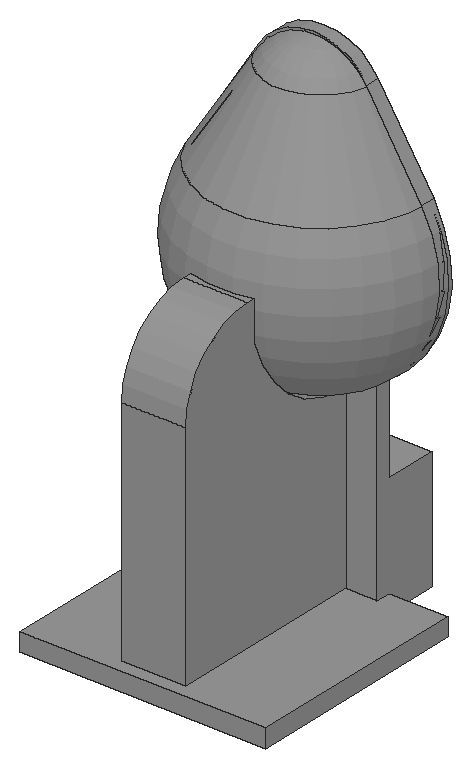
Revit family "Toilet-Willoughby-ETWS-1490-CM-BS", category Plumbing Fixtures, Revit 2015
Parameters (values of type "Standard")
  Waste DIA = 2 3/8"
  Waste Connection = yes
  W-RAD [instance] = Waste DIA / 2  # 0' - 1 3/16"
  Vent Connection = no
  URL = "https://www.willoughby-ind.com/wp-content/uploads/2018/01/ETWS-1490-CM.pdf"
  Type Comments = ""
  Revision = "A"
  Model = "ETWS-1490-CM-BS"
  Manufacturer = "Willoughby Industries"
  HW Connection = no
  Flush inlet DIA = 1 1/2"
  Flush Inlet Connection = yes
  Fixture Body = Stainless Steel AISI 304-Willoughby
  F-RAD [instance] = Flush inlet DIA / 2  # 0' - 0 3/4"
  Description = "Carrier Mounted Siphon Jet Flush Toilet, Back Spud"
  Default Elevation = 0' - 0"
  Contact Number = "(800) 428-4065"
  CW Connection = no
Reference planes (in)
  plane 1 "Base": y = -16.25
  plane 2: z = 0
  plane 3 "Center": x = 18.31072
  plane 4 "Seat HGT": y = -1.25
  plane 5: y = -2.125
  plane 6 "Unit Base Off Floor": y = -13.75
  plane 7 "Flush  HGT": y = 0.5
  plane 8: x = 16.56072
  plane 9: x = 20.06072
  plane 10: x = 11.56072
  plane 11: x = 25.06072
  plane 12: z = 27.75
  plane 13: y = -10.75
Forms (in)
  Extrusion 1, solid, material "Stainless Steel AISI 304-Willoughby" <- "Fixture Body"
    sketch origin (16.08109, 7.47968, -5.1422) x (-1, 0, 0) y (0, 0, -1)
      loop
        line (1.29775, -16.80087) -> (1.29775, -6.1422) -> (-5.72963, -6.1422) -> (-5.72963, -16.81676)
        arc (-5.72963, -16.81676) -> (-8.98136, -21.11843) -> (-8.21015, -26.45542) r 7
        line (-8.21015, -26.45542) -> (-5.16818, -31.31054)
        arc (-5.16818, -31.31054) -> (-2.20225, -32.95225) -> (0.76368, -31.31054) r 3.5
        line (0.76368, -31.31054) -> (3.80565, -26.45542)
        arc (3.80565, -26.45542) -> (4.5729, -21.10311) -> (1.29775, -16.80087) r 7
      loop
        arc (2.03989, -24.70557) -> (-2.20225, -18.23804) -> (-6.44438, -24.70557) r 4.625
        line (-6.44438, -24.70557) -> (-4.04125, -30.23842)
        arc (-4.04125, -30.23842) -> (-2.20225, -31.45225) -> (-0.36324, -30.23842) r 2
        line (-0.36324, -30.23842) -> (2.03989, -24.70557)
    from 8.72968 to 9.5
  Revolve 2, solid, material "Stainless Steel AISI 304-Willoughby" <- "Fixture Body"
    sketch origin (19.37246, -1.52032, -1.93826) x (-1, 0, 0) y (0, 0, -1)
      loop
        line (1.06174, -12.59906) -> (1.06174, -12.84906)
        arc (1.06174, -12.84906) -> (6.96784, -16.33096) -> (6.78077, -23.18447) r 6.75
        line (6.78077, -23.18447) -> (3.81535, -27.91457)
        arc (3.81535, -27.91457) -> (2.63527, -29.03194) -> (1.06174, -29.43826) r 3.25
        line (1.06174, -29.43826) -> (1.06174, -29.68826)
        arc (1.06174, -29.68826) -> (2.75672, -29.25045) -> (4.02767, -28.04656) r 3.5
        line (4.02767, -28.04656) -> (7.06964, -23.19143)
        arc (7.06964, -23.19143) -> (7.15052, -16.14555) -> (1.06174, -12.59906) r 7
      axis (1.06174, -12.59906) -> (1.06174, -29.68826)
    angle from 0 to -180
  Extrusion 3, solid, material "Stainless Steel AISI 304-Willoughby" <- "Fixture Body"
    sketch origin (19.53334, -3.02032, -2.9508) x (0, 1, 0) y (0, 0, 1)
      loop
        line (-5.27082, 3.9508) -> (1, 3.9508) -> (1, 13.76086)
        arc (1, 13.76086) -> (-2.93256, 15.26109) -> (-5.27082, 18.76086) r 6.92744
        line (-5.27082, 18.76086) -> (-5.27082, 3.9508)
    from 0.52738 to -2.97262
  Extrusion 4, solid, material "Stainless Steel AISI 304-Willoughby" <- "Fixture Body"
    sketch origin (17.03334, 24.83792, -2.30581) x (0, 1, 0) y (0, 0, 1)
      loop
        line (-33.12906, 3.30581) -> (-33.12906, 20.30581) -> (-33.56217, 20.30581)
        arc (-33.56217, 20.30581) -> (-36.58558, 19.05347) -> (-37.83792, 16.03006) r 4.27575
        line (-37.83792, 16.03006) -> (-37.83792, 3.30581) -> (-33.12906, 3.30581)
    from -0.47262 to 3.02738
  Extrusion 5, solid, material "Stainless Steel AISI 304-Willoughby" <- "Fixture Body"
    sketch origin (5.72435, 0.32141, 0) x (1, 0, 0) y (0, 1, 0)
      loop
        circle (12.58636, -11.07141) r 1.1875
    from 5.5 to 0
  Extrusion 6, solid, material "Stainless Steel AISI 304-Willoughby" <- "Fixture Body"
    sketch origin (18.31072, 0, 0) x (0, 1, 0) y (0, 0, 1)
      loop
        line (-1.25, 0) -> (1.75, 0) -> (1.75, 6.6875) -> (-1.25, 6.6875) -> (-1.25, 0)
    from -3.52738 to 3.5
  Extrusion 7, solid, material "Stainless Steel AISI 304-Willoughby" <- "Fixture Body"
    sketch origin (0, 0, 0) x (1, 0, 0) y (0, 1, 0)
      loop
        circle (18.31072, 0.5) r 0.75
    from 0 to 1
  Extrusion 8, solid, material "Stainless Steel AISI 304-Willoughby" <- "Fixture Body"
    sketch origin (0, -16.25, 0) x (1, 0, 0) y (0, 0, 1)
      loop
        line (25.06072, 0) -> (25.06072, 1) -> (11.56072, 1) -> (11.56072, 0) -> (25.06072, 0)
    from -15 to -2.5
Cuts and joins
  joined: Extrusion 1, Extrusion 3, Extrusion 4, Extrusion 6, Extrusion 8
Lines and regions (in)
  symbolic lines
    curve 1: line (11.28334, -2.02032, 0) -> (11.28334, -1.25, 0)
    curve 2: line (11.28334, -1.25, 0) -> (25.28334, -1.25, 0)
    curve 3: line (25.28334, -1.25, 0) -> (25.28334, -2.02032, 0)
    curve 4: arc (25.28334, -2.02032, 0) -> (23.08103, -6.64828, 0) -> (18.31072, -8.52239, 0) r 6.97619
    curve 5: arc (18.31072, -8.52239, 0) -> (13.5271, -6.64388, 0) -> (11.28334, -2.02032, 0) r 7.06235
    curve 6: line (14.78334, -1.25, 0) -> (14.78334, 1.75, 0)
    curve 7: line (14.78334, 1.75, 0) -> (21.81072, 1.75, 0)
    curve 8: line (21.81072, 1.75, 0) -> (21.81072, -1.25, 0)
    curve 9: line (25.06072, -3.35566, 0) -> (25.06072, -13.75, 0)
    curve 10: line (25.06072, -13.75, 0) -> (11.56072, -13.75, 0)
    curve 11: line (11.56072, -13.75, 0) -> (11.56072, -3.49538, 0)
    curve 12: line (20.06072, -8.30258, 0) -> (20.06072, -13, 0)
    curve 13: line (20.06072, -13, 0) -> (16.56072, -13, 0)
    curve 14: line (16.56072, -13, 0) -> (16.56072, -8.29889, 0)
    curve 15: line (14.78334, -16.25, 11.65867) -> (14.78334, -16.25, 0)
    curve 16: line (14.78334, -16.25, 1) -> (11.56072, -16.25, 1)
    curve 17: line (11.56072, -16.25, 1) -> (11.56072, -16.25, 0)
    curve 19: line (25.06072, -16.25, 0) -> (25.06072, -16.25, 1)
    curve 20: line (25.06072, -16.25, 1) -> (21.81072, -16.25, 1)
    curve 21: line (21.81072, -16.25, 0) -> (21.81072, -16.25, 11.67456)
    curve 22: arc (21.81072, -16.25, 11.67456) -> (25.0846, -16.25, 15.97054) -> (24.29124, -16.25, 21.31322) r 6.94651
    curve 23: line (24.29124, -16.25, 21.31322) -> (21.24927, -16.25, 26.16835)
    curve 24: arc (21.24927, -16.25, 26.16835) -> (19.98923, -16.25, 27.34792) -> (18.31072, -16.25, 27.75) r 3.37397
    curve 25: arc (18.31072, -16.25, 27.75) -> (16.62783, -16.25, 27.31163) -> (15.31741, -16.25, 26.16835) r 3.79331
    curve 26: line (15.31741, -16.25, 26.16835) -> (12.35249, -16.25, 21.43905)
    curve 27: arc (12.35249, -16.25, 21.43905) -> (11.49002, -16.25, 16.03241) -> (14.78334, -16.25, 11.65867) r 7
    curve 33: line (18.31072, -8.29114, 18) -> (18.31072, -8.72425, 18)
    curve 34: arc (18.31072, -8.72425, 18) -> (18.31072, -11.74766, 16.74766) -> (18.31072, -13, 13.72425) r 4.27575
    curve 35: line (18.31072, -13, 13.72425) -> (18.31072, -13, 1)
    curve 36: line (18.31072, -13, 1) -> (18.31072, -13.75, 1)
    curve 37: line (18.31072, -13.75, 1) -> (18.31072, -13.75, 0)
    curve 38: line (18.31072, -13.75, 0) -> (18.31072, 1.75, 0)
    curve 39: line (18.31072, 1.75, 0) -> (18.31072, 1.75, 6.6875)
    curve 40: line (18.31072, 1.75, 6.6875) -> (18.31072, -1.25, 6.6875)
    curve 41: line (18.31072, -1.25, 6.6875) -> (18.31072, -1.25, 27.81005)
    curve 42: line (18.31072, -1.25, 27.81005) -> (18.31072, -2.02032, 27.81005)
    curve 43: arc (18.31072, -2.02032, 27.81005) -> (18.31072, -3.31067, 27.27241) -> (18.31072, -4.32667, 26.31229) r 3.87918
    curve 44: line (18.31072, -4.32667, 26.31229) -> (18.31072, -7.52822, 21.25317)
    curve 45: arc (18.31072, -7.52822, 21.25317) -> (18.31072, -8.24035, 19.69354) -> (18.31072, -8.50769, 18) r 6.3284
    curve 46: line (18.31072, -8.29114, 18) -> (18.31072, -8.29114, 15.81005)
    curve 47: arc (18.31072, -8.29114, 15.81005) -> (18.31072, -5.95289, 12.31029) -> (18.31072, -2.02032, 10.81005) r 6.92744
    curve 48: line (18.31072, -1.25, 11.65867) -> (18.31072, -1.97294, 11.65867)
    curve 49: line (18.31072, -1.97294, 11.65867) -> (18.31072, -1.97294, 1.03179)
    curve 50: line (18.31072, -1.25, 0) -> (18.31072, -1.25, 1)
    curve 51: line (18.31072, -1.25, 1) -> (18.31072, -13, 1)
  symbolic lines, detail levels medium+fine
    curve 18: line (14.78334, -16.25, 6.6875) -> (21.81072, -16.25, 6.6875)
  symbolic lines, detail levels fine
    curve 28: arc (14.0412, -16.25, 19.56337) -> (18.28334, -16.25, 13.09585) -> (22.52547, -16.25, 19.56337) r 4.625
    curve 29: line (22.52547, -16.25, 19.56337) -> (20.06869, -16.25, 25.31026)
    curve 30: arc (20.06869, -16.25, 25.31026) -> (19.34621, -16.25, 26.11409) -> (18.28334, -16.25, 26.31005) r 1.67667
    curve 31: arc (18.28334, -16.25, 26.31005) -> (17.22889, -16.25, 25.90758) -> (16.44433, -16.25, 25.09622) r 2.60004
    curve 32: line (16.44433, -16.25, 25.09622) -> (14.0412, -16.25, 19.56337)
Dimensions and locks (in)
  plane 1 "Base" to plane 4 "Seat HGT" = 1' - 3"
  plane 11 to plane 10 = 1' - 1 1/2"
  plane 1 "Base" to plane 13 = 0' - 5 1/2"
  plane 1 "Base" to plane 7 "Flush  HGT" = 1' - 4 3/4"
  plane 1 "Base" to cut or joined group of Extrusion 1, Extrusion 3, Extrusion 4, Extrusion 6, Extrusion 8 = 1' - 6"
  cut or joined group of Extrusion 1, Extrusion 3, Extrusion 4, Extrusion 6, Extrusion 8 to plane 1 "Base" = 1' - 6"
  plane 10 to plane 11 = 1' - 1 1/2"
  plane 13 to plane 1 "Base" = 0' - 5 1/2"
  locked: plane 1 "Base" to plane 13 at 5.5
  plane 1 "Base" to plane 6 "Unit Base Off Floor" = 0' - 2 1/2"
  plane 10 to plane 3 "Center" = 0' - 6 3/4"
  "W-RAD": radius of Extrusion 5 sketch curve
  "F-RAD": radius of Extrusion 7 sketch curve
  aligned and locked: plane 7 "Flush  HGT" to Extrusion 7 sketch curve
  aligned and locked: plane 3 "Center" to Extrusion 7 sketch curve
  aligned and locked: plane 13 to Extrusion 5 sketch curve
  aligned and locked: plane 3 "Center" to Extrusion 5 sketch curve
  aligned and locked: cut or joined group of Extrusion 1, Extrusion 3, Extrusion 4, Extrusion 6, Extrusion 8 to level
  aligned and locked: plane 6 "Unit Base Off Floor" to cut or joined group of Extrusion 1, Extrusion 3, Extrusion 4, Extrusion 6, Extrusion 8
  aligned and locked: cut or joined group of Extrusion 1, Extrusion 3, Extrusion 4, Extrusion 6, Extrusion 8 to cut or joined group of Extrusion 1, Extrusion 3, Extrusion 4, Extrusion 6, Extrusion 8  (x5)
  aligned and locked: plane 2 to cut or joined group of Extrusion 1, Extrusion 3, Extrusion 4, Extrusion 6, Extrusion 8
  aligned and locked: cut or joined group of Extrusion 1, Extrusion 3, Extrusion 4, Extrusion 6, Extrusion 8 to plane 10
Automatic sketch dimensions
  Extrusion 1 sketch curve to Extrusion 1 sketch curve = 0' - 0"  (x8)
  level to Extrusion 1 sketch curve = 0' - 1"
  plane 3 "Center" to Extrusion 1 sketch curve = 0' - 5.98052"
  Extrusion 1 sketch curve to Extrusion 1 sketch curve = 0' - 1.76576"  (x2)
  plane 3 "Center" to Extrusion 1 sketch curve = 0' - 3 1/2"
  plane 3 "Center" to Extrusion 1 sketch curve = 0' - 2.93855"
  Extrusion 1 sketch curve to Extrusion 1 sketch curve = 0' - 1.12693"  (x2)
  Extrusion 1 sketch curve to plane 3 "Center" = 0' - 0.02738"  (x2)
  Extrusion 1 sketch curve to plane 3 "Center" = 0' - 1.86639"
  Extrusion 1 sketch curve to plane 3 "Center" = 0' - 3.52738"
  Extrusion 1 sketch curve to plane 3 "Center" = 0' - 4 69/256"
  Extrusion 1 sketch curve to Extrusion 1 sketch curve = 0' - 10.65867"
  Extrusion 1 sketch curve to Extrusion 1 sketch curve = 0' - 0.01589"
  Extrusion 1 sketch curve to Extrusion 1 sketch curve = 0' - 6.06218"
  Extrusion 1 sketch curve to Extrusion 1 sketch curve = 0' - 1.74985"
  Extrusion 1 sketch curve to Extrusion 1 sketch curve = 0' - 4.74668"
  Extrusion 1 sketch curve to Extrusion 1 sketch curve = 0' - 0.78617"
  Extrusion 1 sketch curve to Extrusion 1 sketch curve = 0' - 1.07212"
  Revolve 2 sketch curve to Revolve 2 sketch curve = 0' - 0"  (x2)
  Revolve 2 sketch curve to plane 3 "Center" = 0' - 0"  (x3)
  plane 3 "Center" to Revolve 2 sketch curve = 0' - 0"
  Revolve 2 sketch curve to plane 3 "Center" = 0' - 2.75361"
  Revolve 2 sketch curve to Revolve 2 sketch curve = 0' - 0.21232"
  Revolve 2 sketch curve to Revolve 2 sketch curve = 0' - 2.96542"
  Revolve 2 sketch curve to Revolve 2 sketch curve = 0' - 0.28887"
  level to Revolve 2 sketch curve = 2' - 3 3/4"
  Revolve 2 sketch curve to Revolve 2 sketch curve = 0' - 0 1/4"
  Revolve 2 sketch curve to Revolve 2 sketch curve = 0' - 1.3917"
  Revolve 2 sketch curve to Revolve 2 sketch curve = 0' - 0.13199"
  Revolve 2 sketch curve to Revolve 2 sketch curve = 0' - 4.85513"
  Revolve 2 sketch curve to Revolve 2 sketch curve = 0' - 0.00696"
  Revolve 2 sketch curve to Revolve 2 sketch curve = 0' - 3 1/4"
  Revolve 2 sketch curve to Revolve 2 sketch curve = 0' - 3.3392"
  Revolve 2 sketch curve to Revolve 2 sketch curve = 0' - 2.4108"
  level to Extrusion 3 sketch curve = 0' - 1"
  plane 5 to Extrusion 3 sketch curve = 0' - 0.10468"
  plane 4 "Seat HGT" to Extrusion 3 sketch curve = 0' - 0.38413"
  Extrusion 3 sketch curve to Extrusion 3 sketch curve = 0' - 9.81005"
  Extrusion 3 sketch curve to Extrusion 3 sketch curve = 0' - 5"
  Extrusion 4 sketch curve to plane 6 "Unit Base Off Floor" = 0' - 0 3/4"
  level to Extrusion 4 sketch curve = 0' - 1"
  Extrusion 4 sketch curve to plane 6 "Unit Base Off Floor" = 0' - 5.02575"
  Extrusion 4 sketch curve to Extrusion 4 sketch curve = 0' - 0.43311"
  Extrusion 4 sketch curve to Extrusion 4 sketch curve = 1' - 0.72425"
  Extrusion 6 sketch curve to level = 0' - 0"
  Extrusion 6 sketch curve to plane 4 "Seat HGT" = 0' - 0"
  Extrusion 6 sketch curve to plane 7 "Flush  HGT" = 0' - 1 1/4"
  level to Extrusion 6 sketch curve = 0' - 6 11/16"
  Extrusion 8 sketch curve to plane 10 = 0' - 0"
  Extrusion 8 sketch curve to plane 11 = 0' - 0"
  Extrusion 8 sketch curve to level = 0' - 0"
  level to Extrusion 8 sketch curve = 0' - 1"
  Extrusion 3 sketch curve to Extrusion 3 sketch curve = 0' - 6.27082"
  plane 4 "Seat HGT" to curve 1 = 0' - 0"
  plane 6 "Unit Base Off Floor" to curve 10 = 0' - 0"
  curve 10 to plane 10 = 0' - 0"
  curve 14 to plane 8 = 0' - 0"
  curve 4 to plane 3 "Center" = 0' - 0"
  curve 5 to plane 3 "Center" = 0' - 0"
  curve 12 to plane 9 = 0' - 0"
  curve 10 to plane 11 = 0' - 0"
  plane 5 to curve 1 = 0' - 0.10468"
  curve 6 to plane 8 = 0' - 1.77738"
  plane 3 "Center" to curve 4 = 0' - 0.01255"
  plane 3 "Center" to curve 5 = 0' - 0.01271"
  plane 9 to curve 7 = 0' - 1 3/4"
  curve 9 to curve 3 = 0' - 0.22262"
  curve 13 to plane 6 "Unit Base Off Floor" = 0' - 0 3/4"
  plane 5 to curve 3 = 0' - 0.10468"
  curve 7 to plane 7 "Flush  HGT" = 0' - 1 1/4"
  curve 5 to curve 14 = 0' - 0.2235"
  curve 27 to curve 28 = 0' - 0"  (x2)
  curve 17 to plane 10 = 0' - 0"
  curve 15 to level = 0' - 0"
  curve 24 to plane 3 "Center" = 0' - 0"
  curve 25 to plane 3 "Center" = 0' - 0"
  curve 21 to level = 0' - 0"
  curve 20 to plane 11 = 0' - 0"
  curve 17 to level = 0' - 0"
  curve 19 to level = 0' - 0"
  curve 25 to plane 12 = 0' - 0"
  plane 10 to curve 26 = 0' - 0.79177"
  curve 15 to plane 8 = 0' - 1.77738"
  curve 26 to plane 8 = 0' - 1.24331"
  curve 28 to plane 3 "Center" = 0' - 0.02738"
  plane 3 "Center" to curve 22 = 0' - 0.04657"
  plane 3 "Center" to curve 24 = 0' - 0.07942"
  plane 3 "Center" to curve 25 = 0' - 0.08929"
  plane 3 "Center" to curve 30 = 0' - 0.21627"
  curve 25 to curve 31 = 0' - 0.26116"
  plane 9 to curve 29 = 0' - 0.00797"
  plane 9 to curve 23 = 0' - 1.18855"
  plane 9 to curve 21 = 0' - 1 3/4"
  plane 9 to curve 29 = 0' - 2.46475"
  curve 23 to plane 11 = 0' - 0.76948"
  level to curve 20 = 0' - 1"
  level to curve 17 = 0' - 1"
  curve 16 to curve 15 = 0' - 10.65867"
  curve 27 to curve 21 = 0' - 0.01589"
  curve 21 to curve 22 = 0' - 6.02725"
  curve 22 to curve 28 = 0' - 0.01903"
  curve 29 to curve 22 = 0' - 1.74985"
  plane 12 to curve 31 = 0' - 4.01238"
  curve 31 to curve 25 = 0' - 0.22012"
  curve 24 to curve 30 = 0' - 0.27422"
  curve 29 to curve 24 = 0' - 0.85809"
  plane 10 to curve 28 = 0' - 2 123/256"
  curve 31 to plane 8 = 0' - 0.11639"
  curve 31 to curve 30 = 0' - 0"
  curve 18 to curve 15 = 0' - 4.97117"
  curve 38 to level = 0' - 0"
  curve 38 to plane 6 "Unit Base Off Floor" = 0' - 0"
  curve 41 to plane 4 "Seat HGT" = 0' - 0"
  curve 51 to plane 4 "Seat HGT" = 0' - 0"
  curve 35 to plane 6 "Unit Base Off Floor" = 0' - 0 3/4"
  curve 34 to plane 13 = 0' - 2.02575"
  curve 34 to curve 46 = 0' - 0.43311"
  curve 44 to plane 13 = 0' - 3.22178"
  curve 44 to plane 5 = 0' - 2.20167"
  curve 45 to plane 5 = 0' - 0.05565"
  curve 42 to plane 12 = 0' - 0.06005"
  plane 5 to curve 42 = 0' - 0.10468"
  plane 5 to curve 49 = 0' - 0.15206"
  plane 4 "Seat HGT" to curve 47 = 0' - 0.38413"
  curve 43 to plane 4 "Seat HGT" = 0' - 0.05208"
  curve 39 to plane 7 "Flush  HGT" = 0' - 1 1/4"
  level to curve 35 = 0' - 1"
  level to curve 41 = 0' - 6 11/16"
  curve 40 to curve 49 = 0' - 4.97117"
  curve 48 to curve 35 = 0' - 2.06558"
  curve 34 to curve 46 = 0' - 2.0858"
  curve 48 to curve 47 = 0' - 6.06805"
  curve 47 to curve 45 = 0' - 0.14236"
  curve 33 to curve 44 = 0' - 3.25317"
  plane 12 to curve 43 = 0' - 3.73095"
  plane 5 to curve 47 = 0' - 0.10468"
  curve 50 to curve 49 = 0' - 0.03179"
Connectors (in)
  piping at (18.31072, -10.75, 0), diameter 2.375, driven by "W-RAD", driven by "Waste Connection"
    settings: on Extrusion 5, index 1, connector inside diameter 2 1/2", connector length 0' - 0", flow factor 0, pipe flow 0 GPM, pressure drop 0.00 psi, fitting loss kfactor 0, connector angle 0.00°, fixture units 0, engagement length 0' - 0", angle of deflection 0.00°, flow configuration 0, flow direction 2, fitting loss method 0, system type 16, joint type 0, gender type 0, connector reference index -1, connector utility 1, adjustable connector yes, is connector primary yes, connector description "Toilet Waste"
  piping at (18.31072, 0.5, 1), diameter 1.5, driven by "F-RAD", driven by "Flush Inlet Connection"
    settings: on Extrusion 7, index 2, connector inside diameter 1 1/2", connector length 0' - 0", flow factor 0, pipe flow 0 GPM, pressure drop 0.00 psi, fitting loss kfactor 0, connector angle 0.00°, fixture units 0, engagement length 0' - 0", angle of deflection 0.00°, flow configuration 0, flow direction 1, fitting loss method 0, system type 20, joint type 0, gender type 0, connector reference index -1, connector utility 1, adjustable connector no, is connector primary no, connector description "Flush Inlet"
